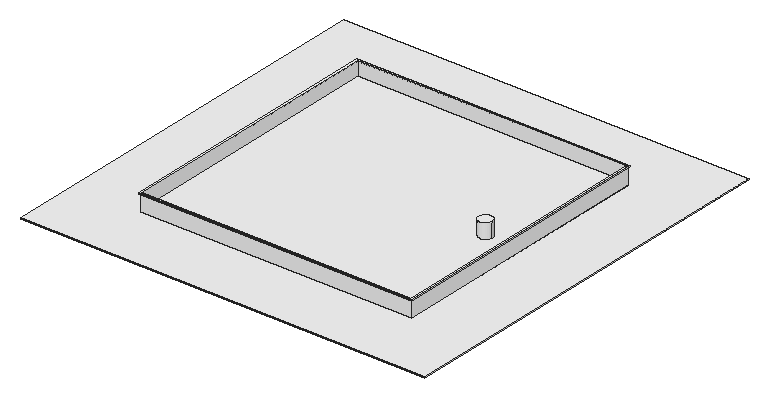
Revit family "Access_Door-Acudor-Recessed-AP-5010_Series", category Specialty Equipment, host Face, Revit 2014
Parameters (values of type "AP-5010 12x12")
  Width = 12"
  Wall Mounted = not(Ceiling Mounted)  # yes
  URL = "http://acudor.com/"
  Type Comments = ""
  Torx Cam Latch = no
  Spanner Head Cam Latch = no
  SC - stainless steel screwdriver operated cam latch = no
  Product Page URL = "https://www.acudor.com/products/specialty-access-doors/ap-5010"
  Product Documentation Link = "https://www.acudor.com/images/acudor/accessdoors/specialty/AP5010/AP-5010_PS.pdf"
  Mortise Cylinder Lock (Prepare for/or Installed) = no
  Model = "AP-5010 12x12"
  Material = "Steel-Acudor-White Alkyd Enamel"  # constant formula
  Manufacturer = "Acudor"
  Length = 2"  # constant formula
  Installation Type = if(Wall Mounted, "Wall Mounted", "Ceiling Mounted")  # "Wall Mounted"
  Height = 12"
  Finish = Steel-Acudor-White Alkyd Enamel
  Description = "Recessed Access Door for Acoustal Plaster Walls and Ceilings"  # constant formula
  Default Elevation = 48"
  Ceiling Mounted = no
  CL - Cylinder Lock (one per door) = no
  Assembly Code = "C1020700"
  Allen Head Cam Latch = no
  4 Latches = no
  2 Latches = no
  1 Latch = yes
Types (5): name | Width | Model | Height | 4 Latches | 2 Latches | 1 Latch
  (no name) | 12" | "AP-5010 12x12" | 12" | no | no | yes
  AP-5010 12x12 | 12" | "AP-5010 12x12" | 12" | no | no | yes
  AP-5010 18x18 | 18" | "AP-5010 18x18" | 18" | no | yes | no
  AP-5010 24x24 | 24" | "AP-5010 24x24" | 24" | no | yes | no
  AP-5010 24x36 | 24" | "AP-5010 24x36" | 36" | yes | yes | no
Reference planes (in)
  plane 1 "Center (Front/Back)": y = 0
  plane 2: z = 0
  plane 3 "Center (Left/Right)": x = 0
  plane 4: y = 9
  plane 5: y = -9
  plane 6: x = 9
  plane 7: x = -9
  plane 8: y = 6
  plane 9: y = -6
  plane 10: x = 6
  plane 11: x = -6
  plane 12: z = -2
  plane 13: z = -0.75
  plane 14: x = 4.49388
  plane 15: y = 3.6
  plane 16: y = 1.2
  plane 17: y = -3.6
  plane 18: y = -1.2
Forms (in)
  Extrusion 1, void
    sketch origin (0, 0, 0) x (1, 0, 0) y (0, 1, 0)
      loop
        line (-6.06364, 6.06364) -> (-6.06364, -6.06364) -> (6.06364, -6.06364) -> (6.06364, 6.06364) -> (-6.06364, 6.06364)
    from -2 to 0.075
  Sweep 2, solid, material "Steel-Acudor-White Alkyd Enamel" <- "Finish"
    path origin (0, 0, 0) x (1, 0, 0) y (0, 1, 0)
      loop
        line (-6, 6) -> (-6, -6) -> (6, -6) -> (6, 6) -> (-6, 6)
    profile origin (0, 6, 0) x (0, 1, 0) y (0, 0, 1)
      loop
        line (0, 0) -> (0, -0.625) -> (-0.78414, -0.625) -> (-0.78414, -2) -> (0.02832, -2) -> (0.02832, -0.79233) -> (3, -0.79233) -> (3, -0.75) -> (0.02832, -0.75) -> (0.02832, -0.04085) -> (0.06364, -0.04085) -> (0.06364, 0) -> (0, 0)
  Extrusion 3, solid, material "Steel-Acudor-White Alkyd Enamel" <- "Finish"
    sketch origin (0, 0, 0) x (1, 0, 0) y (0, 1, 0)
      loop
        line (-5.21586, 5.21586) -> (-5.21586, -5.21586) -> (5.21586, -5.21586) -> (5.21586, 5.21586) -> (-5.21586, 5.21586)
    from -2 to -0.625
  Extrusion 4, solid, material "Steel-Acudor-White Alkyd Enamel" <- "Finish", visible <- "1 Latch"
    sketch origin (0, 0, 0) x (1, 0, 0) y (0, 1, 0)
      loop
        circle (4.49388, 0) r 0.30126
    from -0.75 to 0
  Extrusion 5, solid, material "Steel-Acudor-White Alkyd Enamel" <- "Finish", visible <- "4 Latches"
    sketch origin (0, 10.8, 0) x (1, 0, 0) y (0, 1, 0)
      loop
        circle (4.49388, -7.2) r 0.30126
      loop
        circle (4.49388, -14.4) r 0.30126
    from -0.625 to 0
  Extrusion 6, solid, material "Steel-Acudor-White Alkyd Enamel" <- "Finish", visible <- "2 Latches"
    sketch origin (0, 3.6, 0) x (1, 0, 0) y (0, 1, 0)
      loop
        circle (4.49388, -2.4) r 0.30126
      loop
        circle (4.49388, -4.8) r 0.30126
    from -0.625 to 0
Cuts and joins
  joined: Sweep 2, Extrusion 3
Lines and regions (in)
  Masking region 1
    outline origin (0, 0, 0) x (1, 0, 0) y (0, 0, 1)
      loop
        line (6.06364, 0) -> (-6.06364, 0) -> (-6.06364, -0.04085) -> (-6.02832, -0.04085) -> (-6.02832, -0.75) -> (-9, -0.75) -> (-9, -0.79233) -> (-6.02832, -0.79233) -> (-6.02832, -2) -> (6.02832, -2) -> (6.02832, -0.79233) -> (9, -0.79233) -> (9, -0.75) -> (6.02832, -0.75) -> (6.02832, -0.04085) -> (6.06364, -0.04085) -> (6.06364, 0)
  symbolic lines, detail levels medium+fine
    curve 1: line (6.02832, 0, -0.75) -> (-6.02832, 0, -0.75)
    curve 2: line (-6.02832, 0, -0.79233) -> (6.02832, 0, -0.79233)
    curve 3: line (6.02832, 0, -0.79233) -> (6.02832, 0, -0.75)
    curve 4: line (-6.02832, 0, -0.79233) -> (-6.02832, 0, -0.75)
    curve 5: line (-6.02832, 0, -0.04085) -> (6.02832, 0, -0.04085)
Dimensions and locks (in)
  "Height": plane 8 to plane 9
  equal spacing: plane 11, plane 3 "Center (Left/Right)", plane 10
  "Width": plane 11 to plane 10
  plane 4 to plane 8 = 3"
  plane 5 to plane 9 = 3"
  plane 7 to plane 11 = 3"
  plane 10 to plane 6 = 3"
  "Length": plane 12 to level
  locked: plane 13 to level at 0.75
  locked: Sweep 2 sketch curve to plane 8 at 0.02832
  locked: plane 13 to Sweep 2 sketch curve at 0.125
  locked: plane 8 to Sweep 2 sketch curve at 0.78414
  locked: Sweep 2 sketch curve to plane 13 at 0.04233
  locked: profile plane to Sweep 2 sketch curve at 0.04085
  locked: Sweep 2 sketch curve to profile plane at 0.06364
  locked: plane 14 to plane 10 at 1.50612
  equal spacing: plane 8, plane 15, plane 16, plane 18, plane 17, plane 9
  diameter of Extrusion 4 sketch curve = 0.60253"
  diameter of Extrusion 5 sketch curve = 0.60253"  (x2)
  diameter of Extrusion 6 sketch curve = 0.60253"  (x2)
  aligned and locked: plane 2 to host face
  aligned and locked: level to host face
  aligned and locked: plane 12 to Extrusion 1
  aligned and locked: Sweep 2 sketch curve to plane 8
  aligned and locked: Sweep 2 sketch curve to plane 11
  aligned and locked: Sweep 2 sketch curve to plane 9
  aligned and locked: Sweep 2 sketch curve to plane 10
  aligned and locked: Sweep 2 sketch curve to plane 13
  aligned and locked: plane 4 to Sweep 2 sketch curve
  aligned and locked: profile plane to Sweep 2 sketch curve
  aligned and locked: Sweep 2 sketch curve to profile plane
  aligned and locked: plane 12 to Sweep 2 sketch curve
  aligned and locked: Sweep 2 sketch curve to Sweep 2 sketch curve
  aligned and locked: Extrusion 3 sketch curve to Sweep 2  (x4)
  aligned and locked: plane 12 to Extrusion 3
  aligned and locked: Sweep 2 to Extrusion 3
  aligned and locked: Masking region 1 sketch curve to cut or joined group of Sweep 2, Extrusion 3  (x8)
  aligned and locked: plane 6 to Masking region 1 sketch curve
  aligned and locked: Masking region 1 sketch curve to plane 13
  aligned and locked: Masking region 1 sketch curve to Masking region 1 sketch curve  (x2)
  aligned and locked: host face to Masking region 1 sketch curve
  aligned and locked: plane 12 to Masking region 1 sketch curve
  aligned and locked: plane 13 to Masking region 1 sketch curve
  aligned and locked: Masking region 1 sketch curve to plane 7
  aligned and locked: Masking region 1 to curve 5  (x2)
  aligned and locked: curve 1 to Masking region 1
  aligned and locked: curve 3 to Masking region 1  (x2)
  aligned and locked: plane 13 to curve 1
  aligned and locked: curve 5 to Masking region 1
  aligned and locked: Masking region 1 to curve 1
  aligned and locked: curve 2 to Masking region 1
  aligned and locked: plane 13 to curve 4
  aligned and locked: Masking region 1 to curve 4
  aligned and locked: plane 1 "Center (Front/Back)" to Extrusion 4 sketch curve
  aligned and locked: plane 14 to Extrusion 4 sketch curve
  aligned and locked: plane 13 to Extrusion 4
  aligned and locked: level to Extrusion 4
  aligned and locked: plane 15 to Extrusion 5 sketch curve
  aligned and locked: plane 14 to Extrusion 5 sketch curve  (x2)
  aligned and locked: plane 17 to Extrusion 5 sketch curve
  aligned and locked: plane 14 to Extrusion 6 sketch curve  (x2)
  aligned and locked: plane 18 to Extrusion 6 sketch curve
  aligned and locked: plane 16 to Extrusion 6 sketch curve
  aligned and locked: level to Extrusion 5
  aligned and locked: level to Extrusion 6
  aligned and locked: Extrusion 5 to cut or joined group of Sweep 2, Extrusion 3
  aligned and locked: Extrusion 6 to cut or joined group of Sweep 2, Extrusion 3
  aligned and locked: Extrusion 1 sketch curve to cut or joined group of Sweep 2, Extrusion 3  (x4)
Automatic sketch dimensions
  host sketch curve to host sketch curve = 96"  (x2)
  Sweep 2 sketch curve to level = 0"
